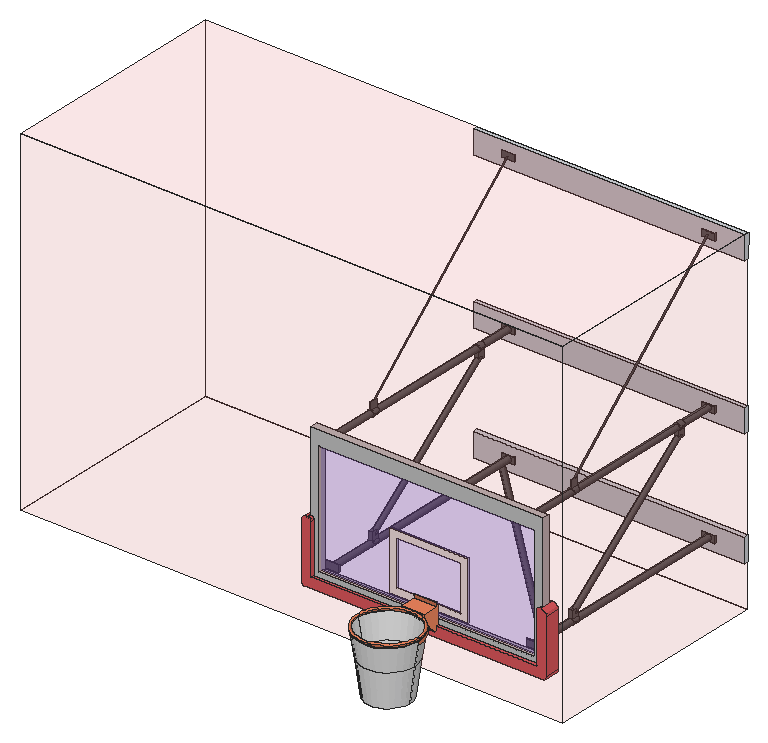
Revit family "Gymnasium-Eqpt_Basketball_IPIbyBison_IP15WSF", category Specialty Equipment, Revit 2018
Family settings
  Round Connector Dimension = Use Diameter
  Part Type = Normal
  Work Plane-Based = Yes
  Always vertical = No
  Cut with Voids When Loaded = No
  Shared = No
  Room Calculation Point = No
Parameters (values of type "Wall Mounted Fold Left")
  wall distance text = "4 to 10 ft from Wall"
  Warranty Duration (Years) = 0
  Unit Width = 7' - 0"
  Unit Height [instance] = Stringer Height_First + 0' 2"  # 10' - 0"
  Unit Depth = 2' - 8"
  URL = "https://ipibybison.com/"
  Stringer Wood [instance] = none
  Stringer Height_Third [instance] = 4' - 0"
  Stringer Height_Second [instance] = 3' - 0"
  Stringer Height_First [instance] = 9' - 10"
  Specification = ""
  SpecWizard = ""
  Send Message = ""
  Sales Information = "https://ipibybison.com/ArchitectsPage.php"
  Rim Color [instance] = Plastic - IPI by Bison - Orange OR
  Revision = "R1_01-2018"
  Rclearvis [instance] = and(Fold Right, Clearance Visible)  # no
  Range of Wall Distance [instance] = wall distance text  # "4 to 10 ft from Wall"
  Product Properties = ""
  Product Data = "http://www.arcat.com/arcatcos/cos49/arc49571.html"
  Net Color [instance] = Finish - IPI by Bison - White Netting
  Model = "IP15WSF Left"
  Manufacturer Website = "https://ipibybison.com/"
  Manufacturer Phone - Toll Free = "800-637-7968"
  Manufacturer Phone = ""
  Manufacturer Fax = "800-638-0698"
  Manufacturer Address = "603 L St  Lincoln, NE 68508"
  Manufacturer = "IPI by Bison"
  Maintenance Schedule (Months) = 0
  Lclearvis [instance] = and(Fold Left, Clearance Visible)  # yes
  Keynote = ""
  Installation-Fabrication = ""
  Installation Phase = ""
  Green Building-LEED = ""
  Glass [instance] = Glass
  Frame Finish [instance] = Finish - IPI by Bison - Black
  Folding Clearance [instance] = ARCAT Clearance
  Fold Right = not(Fold Left)  # no
  Fold Left = yes
  Expected Lifespan (Years) = 0
  Drawn By = "Sumex Design, Inc. / Robert S. Weygant, CSI, CDT, SCIP"
  Description = "IPI by Bison Wall Mounted Left Folding Basketball Backboard - IP15WSF as Specified"
  Default Elevation = 0' - 0"
  Copyright = "©Arcat Inc."
  Construction Details = ""
  Clearance Visible [instance] = yes
  Backboard Square Color [instance] = Finish - IPI by Bison - White
  Backboard Padding Color [instance] = Plastic - IPI by Bison - Scarlet SC
  Backboard Distance from Wall [instance] = 6' - 0"
  Backboard Color [instance] = Finish - IPI by Bison - Satin Aluminum
  Assembly Code = ""
Types (2): name | Rclearvis | Model | Lclearvis | Fold Right | Fold Left | Description
  Wall Mounted Fold Right | yes | "IP15WSF Right" | no | yes | no | "IPI by Bison Wall Mounted Right Folding Basketball Backboard - IP15WSF as Specified"
  Wall Mounted Fold Left | no | "IP15WSF Left" | yes | no | yes | "IPI by Bison Wall Mounted Left Folding Basketball Backboard - IP15WSF as Specified"
Reference planes (in)
  plane 1 "Center (Front/Back)": y = 0
  plane 2 "Bottom": z = 0
  plane 3 "Center (Left/Right)": x = 0
  plane 4 "Left": x = -42
  plane 5 "Right": x = 42
  plane 6 "Top": z = 120
  plane 7: y = -72
  plane 8: y = -59.5813
  plane 9: z = 118
  plane 10: z = 154
  plane 11: z = 202
  plane 12: x = -31.00488
  plane 13: x = 31.00488
  plane 14: y = -69.5
  plane 15: y = -54
  plane 16: y = -4
  plane 17: y = -65.5
Forms (in)
  Extrusion 1, solid, material <- "Stringer Wood"
    sketch origin (0, 0, 0) x (0, 1, 0) y (0, 0, 1)
      loop
        line (0, 198.375) -> (0, 205.625) -> (-1.5, 205.625) -> (-1.5, 198.375) -> (0, 198.375)
      loop
        line (0, 150.375) -> (0, 157.625) -> (-1.5, 157.625) -> (-1.5, 150.375) -> (0, 150.375)
      loop
        line (0, 114.375) -> (0, 121.625) -> (-1.5, 121.625) -> (-1.5, 114.375) -> (0, 114.375)
    from -42 to 42
  Extrusion 2, solid, material "Finish - IPI by Bison - Black" <- "Frame Finish"
    sketch origin (-31.00488, -180, 220.71867) x (0, 0, 1) y (0, -1, 0)
      loop
        line (-67.71867, -110.25) -> (-67.71867, -110.5) -> (-65.71867, -110.5) -> (-65.71867, -110.25) -> (-67.71867, -110.25)
      loop
        line (-101.71867, -110.25) -> (-103.71867, -110.25) -> (-103.71867, -110.5) -> (-101.71867, -110.5) -> (-101.71867, -110.25)
      loop
        line (-67.71867, -178.5) -> (-65.71867, -178.5) -> (-65.71867, -178.25) -> (-67.71867, -178.25) -> (-67.71867, -178.5)
      loop
        line (-103.71867, -178.5) -> (-101.71867, -178.5) -> (-101.71867, -178.25) -> (-103.71867, -178.25) -> (-103.71867, -178.5)
      loop
        line (-19.71867, -178.5) -> (-17.71867, -178.5) -> (-17.71867, -178.25) -> (-19.71867, -178.25) -> (-19.71867, -178.5)
    from 2 to -2
  Extrusion 3, solid, material "Finish - IPI by Bison - Black" <- "Frame Finish"
    sketch origin (31.00488, -180, 220.71867) x (0, 0, 1) y (0, -1, 0)
      loop
        line (-65.71867, -110.25) -> (-67.71867, -110.25) -> (-67.71867, -110.5) -> (-65.71867, -110.5) -> (-65.71867, -110.25)
      loop
        line (-103.71867, -110.25) -> (-103.71867, -110.5) -> (-101.71867, -110.5) -> (-101.71867, -110.25) -> (-103.71867, -110.25)
      loop
        line (-103.71867, -178.25) -> (-103.71867, -178.5) -> (-101.71867, -178.5) -> (-101.71867, -178.25) -> (-103.71867, -178.25)
      loop
        line (-67.71867, -178.25) -> (-67.71867, -178.5) -> (-65.71867, -178.5) -> (-65.71867, -178.25) -> (-67.71867, -178.25)
      loop
        line (-19.71867, -178.25) -> (-19.71867, -178.5) -> (-17.71867, -178.5) -> (-17.71867, -178.25) -> (-19.71867, -178.25)
    from 2 to -2
  Extrusion 4, solid, material "Finish - IPI by Bison - Black" <- "Frame Finish"
    sketch origin (31.00488, -1.75, 153) x (0, 0, 1) y (-1, 0, 0)
      loop
        circle (1, 62.00977) r 0.875
      loop
        circle (-35, 62.00977) r 0.875
      loop
        circle (1, 0) r 0.875
      loop
        circle (-35, 0) r 0.875
    from 0 to 67.75
  Extrusion 5, solid, material "Finish - IPI by Bison - Black" <- "Frame Finish"
    sketch origin (0, -54, 159.04229) x (0, 0, 1) y (1, 0, 0)
      loop
        line (-4.05404, 30.85203) -> (-1.80404, 30.85203) -> (-1.80404, 31.15773) -> (-4.05404, 31.15773)
        arc (-4.05404, 31.15773) -> (-6.04229, 31.00488) -> (-4.05404, 30.85203) r 1
      loop
        arc (-4.05404, -30.85203) -> (-6.04229, -31.00488) -> (-4.05404, -31.15773) r 1
        line (-4.05404, -31.15773) -> (-1.80404, -31.15773) -> (-1.80404, -30.85203) -> (-4.05404, -30.85203)
    from 1 to -1
  Sweep 6, solid, material "Finish - IPI by Bison - Black" <- "Frame Finish"
    path origin (0, 0, 0) x (0, 1, 0) y (0, 0, 1)
      loop
        line (-54, 156.75) -> (-2.09969, 202)
    profile origin (0, -28.04984, 179.375) x (0, -0.657165, 0.753747) y (1, 0, 0)
      loop
        circle (0, -31.00488) r 0.125
      loop
        circle (0, 31.00488) r 0.125
  Extrusion 7, solid, material "Finish - IPI by Bison - Black" <- "Frame Finish"
    sketch origin (0, -54, 159.04229) x (0, 0, 1) y (1, 0, 0)
      loop
        arc (-40.23514, -30.41453) -> (-42.04229, -31.00488) -> (-40.23514, -31.59523) r 1
        line (-40.23514, -31.59523) -> (-37.80404, -31.59523) -> (-37.80404, -30.41453) -> (-40.23514, -30.41453)
      loop
        line (-40.23514, 30.41453) -> (-37.80404, 30.41453) -> (-37.80404, 31.59523) -> (-40.23514, 31.59523)
        arc (-40.23514, 31.59523) -> (-42.04229, 31.00488) -> (-40.23514, 30.41453) r 1
    from 1 to -1
  Extrusion 8, solid, material "Finish - IPI by Bison - Black" <- "Frame Finish"
    sketch origin (0, 0, 0) x (1, 0, 0) y (0, 0, 1)
      loop
        line (30.41453, 153.19285) -> (30.41453, 150.76175) -> (31.59523, 150.76175) -> (31.59523, 153.19285)
        arc (31.59523, 153.19285) -> (31.00488, 155) -> (30.41453, 153.19285) r 1
      loop
        arc (-30.41453, 153.19285) -> (-31.00488, 155) -> (-31.59523, 153.19285) r 1
        line (-31.59523, 153.19285) -> (-31.59523, 150.76175) -> (-30.41453, 150.76175) -> (-30.41453, 153.19285)
    from 14 to 12
  Sweep 9, solid, material "Finish - IPI by Bison - Black" <- "Frame Finish"
    path origin (0, 0, 0) x (0, 1, 0) y (0, 0, 1)
      loop
        line (-54, 120.25) -> (-13.02507, 151.44784)
    profile origin (0, -33.51254, 135.84892) x (0, -0.605783, 0.79563) y (1, 0, 0)
      loop
        circle (0, 31.00488) r 0.75
      loop
        circle (0, -31.00488) r 0.75
  Sweep 10, solid, material "Finish - IPI by Bison - Black" <- "Frame Finish"
    path origin (0, 0, 0) x (1, 0, 0) y (0, 1, 0)
      loop
        line (-31.00488, -4) -> (31.00488, -65.5)
    profile origin (0, -34.75, 0) x (0.704182, 0.710019, 0) y (0, 0, 1)
      loop
        circle (0, 116.25) r 0.75
  Extrusion 11, solid, material "ARCAT Clearance" <- "Folding Clearance", visible <- "Lclearvis"
    sketch origin (0, 0, 0) x (1, 0, 0) y (0, 0, 1)
      loop
        line (42, 205.625) -> (-126, 205.625) -> (-126, 101) -> (42, 101) -> (42, 205.625)
    from 0 to 72
  Extrusion 12, solid, material "ARCAT Clearance" <- "Folding Clearance", visible <- "Rclearvis"
    sketch origin (0, 0, 0) x (-1, 0, 0) y (0, 0, -1)
      loop
        line (42, -205.625) -> (42, -101) -> (-126, -101) -> (-126, -205.625) -> (42, -205.625)
    from 0 to 72
Dimensions and locks (in)
  equal spacing: plane 4 "Left", plane 3 "Center (Left/Right)", plane 5 "Right"
  "Unit Width": plane 4 "Left" to plane 5 "Right"
  "Unit Height": plane 6 "Top" to level
  locked: plane 7 to plane 8 at 12.4187
  "Backboard Distance from Wall": plane 7 to plane 1 "Center (Front/Back)"
  "Stringer Height_First": plane 9 to level
  "Stringer Height_Second": plane 10 to plane 9
  "Stringer Height_Third": plane 11 to plane 10
  Extrusion 1 sketch curve to plane 9 to Extrusion 1 sketch curve = 0' - 3 5/8" locked, 0' - 3 5/8" locked
  Extrusion 1 sketch curve to plane 10 to Extrusion 1 sketch curve = 0' - 3 5/8" locked, 0' - 3 5/8" locked
  Extrusion 1 sketch curve to plane 11 to Extrusion 1 sketch curve = 0' - 3 5/8" locked, 0' - 3 5/8" locked
  Extrusion 2 sketch curve to plane 10 to Extrusion 2 sketch curve = 0' - 1" locked, 0' - 1" locked  (x2)
  plane 7 to Extrusion 2 sketch curve to Extrusion 2 sketch curve = 0' - 2 1/4" locked, 0' - 0 1/4" locked  (x2)
  Extrusion 2 sketch curve to plane 9 to Extrusion 2 sketch curve = 0' - 1" locked, 0' - 1" locked  (x2)
  Extrusion 2 sketch curve to plane 11 to Extrusion 2 sketch curve = 0' - 1" locked, 0' - 1" locked
  equal spacing: plane 13, plane 3 "Center (Left/Right)", plane 12
  locked: plane 13 to plane 12 at 62.00977
  locked: Extrusion 3 sketch curve to Extrusion 3 sketch curve at 0.25  (x5)
  Extrusion 3 sketch curve to plane 10 to Extrusion 3 sketch curve = 0' - 1" locked, 0' - 1" locked  (x2)
  Extrusion 3 sketch curve to plane 9 to Extrusion 3 sketch curve = 0' - 1" locked, 0' - 1" locked  (x2)
  locked: plane 7 to Extrusion 3 sketch curve at 2.25  (x2)
  Extrusion 3 sketch curve to plane 11 to Extrusion 3 sketch curve = 0' - 1" locked, 0' - 1" locked
  locked: Extrusion 4 sketch curve to plane 12 at 0
  locked: Extrusion 4 sketch curve to plane 10 at 0
  locked: plane 12 to Extrusion 4 sketch curve at 0
  locked: plane 9 to Extrusion 4 sketch curve at 0  (x2)
  locked: plane 13 to Extrusion 4 sketch curve at 0
  locked: Extrusion 4 sketch curve to plane 13 at 0
  locked: plane 10 to Extrusion 4 sketch curve at 0
  locked: plane 7 to plane 14 at 2.5
  locked: plane 7 to plane 15 at 18
  Extrusion 5 sketch curve to plane 13 to Extrusion 5 sketch curve to Extrusion 5 sketch curve = 0' - 0.15285" locked, 0' - 0" locked, 0' - 0.15285" locked
  Extrusion 5 sketch curve to plane 12 to Extrusion 5 sketch curve to Extrusion 5 sketch curve = 0' - 0.15285" locked, 0' - 0" locked, 0' - 0.15285" locked
  Extrusion 5 sketch curve to plane 10 to Extrusion 5 sketch curve = 0' - 3.23825" locked, 0' - 0" locked  (x2)
  locked: Sweep 6 sketch curve to plane 1 "Center (Front/Back)" at 2.09969
  locked: plane 11 to Sweep 6 sketch curve at 0
  locked: Sweep 6 sketch curve to plane 10 at 2.75
  locked: plane 15 to Sweep 6 sketch curve
  Extrusion 7 sketch curve to plane 9 to Extrusion 7 sketch curve = 0' - 3.23825" locked, 0' - 0" locked  (x2)
  Extrusion 7 sketch curve to plane 12 to Extrusion 7 sketch curve to Extrusion 7 sketch curve = 0' - 0.59035" locked, 0' - 0" locked, 0' - 0.59035" locked
  Extrusion 7 sketch curve to plane 13 to Extrusion 7 sketch curve to Extrusion 7 sketch curve = 0' - 0.59035" locked, 0' - 0" locked, 0' - 0.59035" locked
  plane 10 to Extrusion 8 sketch curve to Extrusion 8 sketch curve = 0' - 0" locked, 0' - 3.23825" locked  (x2)
  locked: plane 10 to Sweep 9 sketch curve at 2.55216
  locked: Sweep 9 sketch curve to plane 1 "Center (Front/Back)" at 13.02507
  locked: plane 15 to Sweep 9 sketch curve at 0
  locked: Sweep 9 sketch curve to plane 9 at 2.25
  locked: Extrusion 3 sketch curve to plane 1 "Center (Front/Back)" at 1.5
  locked: plane 14 to plane 17 at 4
  locked: plane 16 to plane 1 "Center (Front/Back)" at 4
  locked: plane 9 to Sweep 10 sketch curve at 1.75
  locked: Extrusion 11 sketch curve to plane 11 at 3.625
  locked: plane 4 "Left" to Extrusion 11 sketch curve at 84
  locked: plane 9 to Extrusion 11 sketch curve at 17
  locked: Extrusion 12 sketch curve to plane 5 "Right" at 84
  locked: Extrusion 12 sketch curve to plane 11 at 3.625
  locked: plane 9 to Extrusion 12 sketch curve at 17
  aligned and locked: nested 1 to plane 8
  aligned and locked: Extrusion 1 to plane 4 "Left"
  aligned and locked: plane 5 "Right" to Extrusion 1
  aligned and locked: plane 14 to Extrusion 4
  aligned and locked: plane 13 to Sweep 10 sketch curve
  aligned and locked: plane 17 to Sweep 10 sketch curve
  aligned and locked: plane 12 to Sweep 10 sketch curve
  aligned and locked: plane 16 to Sweep 10 sketch curve
  aligned and locked: plane 5 "Right" to Extrusion 11 sketch curve
  aligned and locked: plane 4 "Left" to Extrusion 12 sketch curve
  aligned and locked: Extrusion 12 to plane 7
  aligned and locked: Extrusion 11 to plane 7
Automatic sketch dimensions
  Extrusion 1 sketch curve to plane 1 "Center (Front/Back)" = 0' - 0"  (x3)
  plane 1 "Center (Front/Back)" to Extrusion 1 sketch curve = 0' - 1 1/2"  (x3)
  plane 1 "Center (Front/Back)" to Extrusion 2 sketch curve = 0' - 1 3/4"  (x3)
  Extrusion 2 sketch curve to Extrusion 2 sketch curve = 0' - 0 1/4"  (x3)
  plane 1 "Center (Front/Back)" to Extrusion 3 sketch curve = 0' - 1 1/2"  (x2)
  plane 10 to Extrusion 5 sketch curve = 0' - 0.98825"  (x2)
  Sweep 6 sketch curve to profile plane = 0' - 0"  (x2)
  Sweep 6 sketch curve to plane 3 "Center (Left/Right)" = 2' - 7.00488"
  plane 3 "Center (Left/Right)" to Sweep 6 sketch curve = 2' - 7.00488"
  plane 9 to Extrusion 7 sketch curve = 0' - 0.80715"  (x2)
  Extrusion 8 sketch curve to plane 12 = 0' - 0"
  Extrusion 8 sketch curve to plane 13 = 0' - 0"
  Extrusion 8 sketch curve to plane 12 = 0' - 0.59035"
  plane 12 to Extrusion 8 sketch curve = 0' - 0.59035"
  Extrusion 8 sketch curve to plane 13 = 0' - 0.59035"
  plane 13 to Extrusion 8 sketch curve = 0' - 0.59035"
  Extrusion 8 sketch curve to plane 10 = 0' - 0.80715"  (x2)
  Sweep 9 sketch curve to profile plane = 0' - 0"  (x2)
  Sweep 9 sketch curve to plane 3 "Center (Left/Right)" = 2' - 7.00488"
  plane 3 "Center (Left/Right)" to Sweep 9 sketch curve = 2' - 7.00488"
  Sweep 10 sketch curve to profile plane = 0' - 0"
  radius of Extrusion 4 sketch curve = 0' - 0 7/8"  (x4)
  radius of Sweep 6 sketch curve = 0' - 0 1/8"  (x2)
  radius of Sweep 9 sketch curve = 0' - 0 3/4"  (x2)
  radius of Sweep 10 sketch curve = 0' - 0 3/4"
Nested families (in)
  nested 1: "Backboard_BA42XLGlass" at (0, -59.5813, 120) x (-1, 0, 0) z (0, 0, 1), backboard color <- "Backboard Color", backboard square color <- "Backboard Square Color", glass <- "Glass", rim finish <- "Rim Color", net color <- "Net Color", height offset <- "Unit Height", frame finish <- "Backboard Padding Color", padding color <- "Backboard Padding Color", type "Backboard_BA42XLGlass"
    with rim finish Plastic - IPI by Bison - Orange OR, padding color Plastic - IPI by Bison - Scarlet SC, net color Finish - IPI by Bison - White Netting, height offset 10' - 0", glass Glass, frame finish Plastic - IPI by Bison - Scarlet SC, backboard square color Finish - IPI by Bison - White, backboard color Finish - IPI by Bison - Satin Aluminum
Definition of nested family "Backboard_BA42XLGlass"
  Parameters (values of type "Backboard_BA42XLGlass")
    padding color [instance] = none
    net color [instance] = none
    rim finish [instance] = none
    height offset [instance] = 9' - 6"
    glass [instance] = none
    frame finish [instance] = none
    backboard square color [instance] = none
    backboard color [instance] = none
    Default Elevation = 4' - 0"
  Reference planes (in)
    plane 1 "Center (Front/Back)": y = 0
    plane 2: z = 0
    plane 3 "Center (Left/Right)": x = 0
    plane 4: z = -114
  Forms (in)
    Extrusion 1, solid, material <- "backboard color"
      sketch origin (-8.43545, 11.2937, 28.94441) x (1, 0, 0) y (0, 0, 1)
        loop
          line (-27.56455, 6.99989) -> (-27.56455, -35.00011) -> (44.43545, -35.00011) -> (44.43545, 6.99989) -> (-27.56455, 6.99989)
        loop
          line (41.81045, 2.74989) -> (-24.93955, 2.74989) -> (-24.93955, -32.37511) -> (41.81045, -32.37511) -> (41.81045, 2.74989)
      from 1.125 to -1.125
    Extrusion 2, solid, material <- "padding color"
      sketch origin (-8.43545, 11.2937, 29.06941) x (1, 0, 0) y (0, 0, 1)
        loop
          line (-27.55038, -17.62511) -> (-27.80038, -17.62511)
          arc (-27.80038, -17.62511) -> (-29.03781, -18.13767) -> (-29.55038, -19.37511) r 1.75
          line (-29.55038, -19.37511) -> (-29.55038, -36.12511)
          arc (-29.55038, -36.12511) -> (-29.25748, -36.83222) -> (-28.55038, -37.12511) r 1
          line (-28.55038, -37.12511) -> (45.44962, -37.12511)
          arc (45.44962, -37.12511) -> (46.15673, -36.83222) -> (46.44962, -36.12511) r 1
          line (46.44962, -36.12511) -> (46.44962, -19.37511)
          arc (46.44962, -19.37511) -> (45.93706, -18.13767) -> (44.69962, -17.62511) r 1.75
          line (44.69962, -17.62511) -> (44.42127, -17.62511)
          arc (44.42127, -17.62511) -> (43.71416, -17.918) -> (43.42127, -18.62511) r 1
          line (43.42127, -18.62511) -> (43.42127, -33.98376) -> (-26.55038, -33.98376) -> (-26.55038, -18.62511)
          arc (-26.55038, -18.62511) -> (-26.84327, -17.918) -> (-27.55038, -17.62511) r 1
      from -2.18697 to 2.14819
    Revolve 3, solid, material <- "net color"
      sketch origin (-8.43545, 27.4812, 28.93687) x (1, 0, 0) y (0, 0, 1)
        loop
          circle (-0.85808, -29.24642) r 0.3125
        loop
          line (-1.03195, -29.9762) -> (0.27041, -37.36226) -> (1.80132, -48.25521) -> (2.05377, -48.25521) -> (0.51737, -37.32314) -> (-0.77809, -29.9762) -> (-1.03195, -29.9762)
        axis (8.43545, -48.25521) -> (8.43545, -29.24642)
      angle from 0 to 360
    Revolve 4, solid, material <- "rim finish"
      sketch origin (0.02792, 11.2937, 0) x (0, 1, 0) y (0, 0, 1)
        loop
          line (6.79001, -0.625) -> (6.54001, -0.625) -> (6.54001, -2.125) -> (6.79001, -2.125) -> (6.79001, -0.625)
        axis (16.04001, -2.125) -> (16.04001, -0.625)
      angle from -90 to 90
    Extrusion 5, solid, material <- "rim finish"
      sketch origin (0, 0, 0) x (0, 1, 0) y (0, 0, 1)
        loop
          line (17.69724, 0) -> (12.8212, 0) -> (13.12361, 1.21287) -> (12.79369, 1.29513) -> (12.47078, 0) -> (12.47078, -6.5) -> (13.63137, -6.5) -> (17.69724, -2.43414) -> (17.69724, 0)
      from -3.50075 to 3.49925
    Extrusion 6, solid, material <- "backboard square color"
      sketch origin (0.02792, 11.2937, 0) x (1, 0, 0) y (0, 0, 1)
        loop
          line (-12.02792, 16.0023) -> (-12.02792, -1.9977) -> (11.97208, -1.9977) -> (11.97208, 16.0023) -> (-12.02792, 16.0023)
        loop
          line (-10.02792, 14.0023) -> (-10.02792, 0) -> (9.97208, 0) -> (9.97208, 14.0023) -> (-10.02792, 14.0023)
      from -0.44333 to 0.05679
    Extrusion 7, solid, material <- "glass"
      sketch origin (0.02792, 11.2937, 0) x (1, 0, 0) y (0, 0, 1)
        loop
          line (-33.40292, 31.6943) -> (-33.40292, -3.4307) -> (33.34708, -3.4307) -> (33.34708, 31.6943) -> (-33.40292, 31.6943)
      from -0.405 to 0
  Lines and regions (in)
    model lines
      curve 1: line (-0.00075, 0, 0) -> (-0.00075, 0, -114)
  Dimensions and locks (in)
    "height offset": level to plane 4
    aligned and locked: plane 2 to level
    aligned and locked: plane 4 to curve 1
  Automatic sketch dimensions
    curve 1 to level = 0' - 0"
    curve 1 to plane 3 "Center (Left/Right)" = 0' - 0.00075"
    Extrusion 1 sketch curve to plane 3 "Center (Left/Right)" = 3' - 0"
    Extrusion 1 sketch curve to Extrusion 1 sketch curve = 0' - 2 5/8"  (x2)
    plane 3 "Center (Left/Right)" to Extrusion 1 sketch curve = 2' - 9 3/8"
    Extrusion 1 sketch curve to level = 0' - 6.0557"
    Extrusion 1 sketch curve to level = 0' - 3.4307"
    level to Extrusion 1 sketch curve = 2' - 7.6943"
    Extrusion 1 sketch curve to Extrusion 1 sketch curve = 0' - 4 1/4"
    level to Extrusion 2 sketch curve = 0' - 9.6943"
    Extrusion 2 sketch curve to plane 3 "Center (Left/Right)" = 3' - 1.98582"
    Extrusion 2 sketch curve to Extrusion 2 sketch curve = 0' - 1"  (x4)
    Extrusion 2 sketch curve to Extrusion 2 sketch curve = 0' - 1 3/4"
    Extrusion 2 sketch curve to Extrusion 2 sketch curve = 0' - 0 1/4"
    level to Extrusion 2 sketch curve = 0' - 10.4443"
    plane 3 "Center (Left/Right)" to Extrusion 2 sketch curve = 2' - 10.98582"
    Extrusion 2 sketch curve to Extrusion 2 sketch curve = 0' - 0.27835"
    Extrusion 2 sketch curve to Extrusion 2 sketch curve = 0' - 2.02835"
    Extrusion 2 sketch curve to level = 0' - 4.91435"
    Extrusion 2 sketch curve to Extrusion 2 sketch curve = 0' - 2.14135"
    Revolve 3 sketch curve to plane 3 "Center (Left/Right)" = 0' - 0"
    Revolve 3 sketch curve to plane 3 "Center (Left/Right)" = 0' - 6.38167"
    Revolve 3 sketch curve to Revolve 3 sketch curve = 0' - 0.25246"
    Revolve 3 sketch curve to plane 3 "Center (Left/Right)" = 0' - 7.91808"
    Revolve 3 sketch curve to Revolve 3 sketch curve = 0' - 0.24696"
    Revolve 3 sketch curve to level = 0' - 1.03933"
    Revolve 3 sketch curve to Revolve 3 sketch curve = 0' - 1.0485"
    Revolve 3 sketch curve to level = 0' - 0.30954"
    Revolve 3 sketch curve to Revolve 3 sketch curve = 0' - 0.07999"
    Revolve 3 sketch curve to Revolve 3 sketch curve = 0' - 0.25386"
    Revolve 3 sketch curve to Revolve 3 sketch curve = 0' - 7.34694"
    Revolve 3 sketch curve to Revolve 3 sketch curve = 0' - 0.03911"
    Revolve 3 sketch curve to Revolve 3 sketch curve = 0' - 10.89295"
    Revolve 3 sketch curve to level = 0' - 0.00754"
    level to Revolve 3 sketch curve = 0' - 2.99246"
    Revolve 4 sketch curve to level = 0' - 2 1/8"
    Revolve 4 sketch curve to plane 1 "Center (Front/Back)" = 1' - 5.83371"
    Revolve 4 sketch curve to Revolve 4 sketch curve = 0' - 0 1/4"
    Revolve 4 sketch curve to level = 0' - 0 5/8"  (x2)
    Revolve 4 sketch curve to Revolve 4 sketch curve = 0' - 9 1/4"
    level to Revolve 4 sketch curve = 0' - 3 1/8"
    Extrusion 5 sketch curve to level = 0' - 0"  (x2)
    Extrusion 5 sketch curve to plane 1 "Center (Front/Back)" = 1' - 0.47078"
    level to Extrusion 5 sketch curve = 0' - 1.29513"
    Extrusion 5 sketch curve to Extrusion 5 sketch curve = 0' - 0.32291"
    Extrusion 5 sketch curve to Extrusion 5 sketch curve = 0' - 0.35043"
    Extrusion 5 sketch curve to Extrusion 5 sketch curve = 0' - 1.16059"
    Extrusion 5 sketch curve to Extrusion 5 sketch curve = 0' - 4.57363"
    Extrusion 5 sketch curve to Extrusion 5 sketch curve = 0' - 2.43414"
    Extrusion 5 sketch curve to Extrusion 5 sketch curve = 0' - 6 1/2"
    Extrusion 6 sketch curve to level = 0' - 0"
    Extrusion 6 sketch curve to level = 0' - 1.9977"
    Extrusion 6 sketch curve to plane 3 "Center (Left/Right)" = 1' - 0"
    Extrusion 6 sketch curve to Extrusion 6 sketch curve = 0' - 2"  (x3)
    plane 3 "Center (Left/Right)" to Extrusion 6 sketch curve = 0' - 10"
    Extrusion 6 sketch curve to Extrusion 6 sketch curve = 1' - 2.0023"
    Extrusion 7 sketch curve to plane 3 "Center (Left/Right)" = 2' - 9 3/8"
    Extrusion 7 sketch curve to level = 0' - 3.4307"
    plane 3 "Center (Left/Right)" to Extrusion 7 sketch curve = 2' - 9 3/8"
    level to Extrusion 7 sketch curve = 2' - 7.6943"
    radius of Revolve 3 sketch curve = 0' - 0 5/16"
